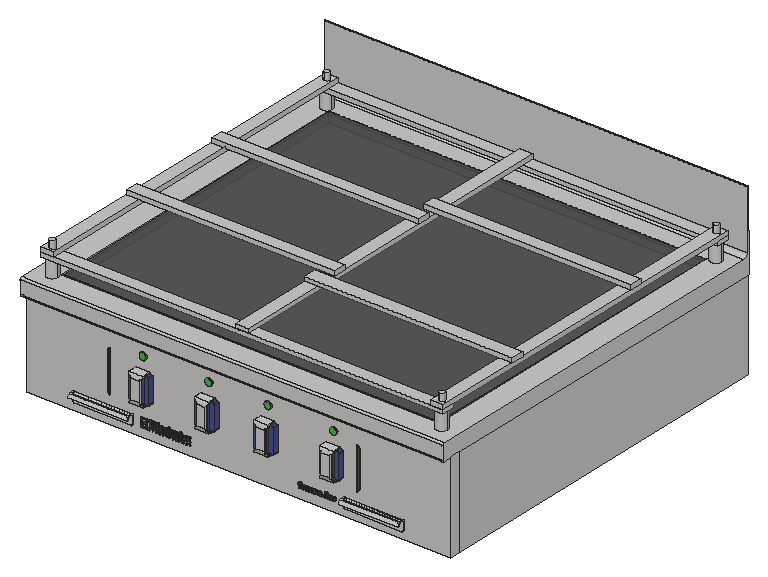
Revit family "QF_ELECTROLUXPROFESSIONAL_589927_HCIDBBJODM", category Specialty Equipment, Revit 2023
Family settings
  Round Connector Dimension = Use Diameter
  Part Type = Normal
  Work Plane-Based = No
  Enable Cutting in Views = No
  Always vertical = Yes
  Cut with Voids When Loaded = No
  Maintain Annotation Orientation = No
  Shared = No
  Room Calculation Point = No
Parameters (values of type "Standard")
  Weight = 100.00 kg
  Watts = 0 W
  Volts = 440 V
  URL Manufacturer = "http://www.electroluxprofessional.com"
  URL = "http://www.electroluxprofessional.com"
  ThermaLine_Logo_Visible [instance] = yes
  Steam Supply Size = 0"
  Steam Supply Minimum Pressure = 0.00 psi
  Steam Supply Maximum Pressure = 0.00 psi
  Steam Consumption per Hour = 0
  Refrigeration Suction Line Size = 0 mm
  Refrigeration Liquid Line Size = 0 mm
  Refrigerant Compressor Remote = yes
  Default Elevation = 0 mm
  Phase = 3
  Model = "HCIDBBJODM"
  Manufacturer = "Electrolux Professional"
  Length Actual = 1000 mm
  Item Number = "589927"
  Hot Water Size = 0"
  Height Actual = 250 mm
  HP = "26.8 HP"
  Gas Size = 0"
  Gas KW = 0
  Gas Input Pressure = 0.0 Btu/h
  Electrolux_Logo_Visible [instance] = yes
  Direct Waste Size = 0"
  Description = "INDUCTION TOP, 4 ZONES, 1-SIDE, SPLASHBACK, 1000X900X250H MARINE USPHS (ONLY M2M)"
  Depth Actual = 900 mm
  Cycle = 60 Hz
  Condensate Return Size = 0"
  Compressed Air Volume = 0 GPM
  Compressed Air Size = 0"
  Compressed Air Pressure = 0.00 psi
  Cold Water Size = 0"
  Accessory = no
Reference planes
  plane 1 "BACK": y = 0
  plane 2: z = 0
  plane 3 "LEFT": x = -100
  plane 4 "RIGHT": x = 900
  plane 5 "FRONT": y = -900
  plane 6 "TOP": z = 900
  plane 7 "Center (Left/Right)": x = 400
  plane 8: y = -450
  plane 9: z = 200
  plane 10: y = -150
  plane 11 "Panel": y = -855
  plane 12: z = 798
  plane 13: z = 975
  plane 14: x = -22
  plane 15: x = 822
  plane 16: y = -150
  plane 17: y = -650
  plane 18 "EIx": x = 855
  plane 19 "EIy": y = -410
  plane 20: y = -880
  plane 21 "TopBase": z = 650
Forms (mm)
  Extrusion 1, solid, material "QF_Finishes_Stainless Steel"
    sketch origin (-178.969, -4572, 200) x (-1, 0, 0) y (0, -1, 0)
      loop
        line (-78.969, -4572) -> (-78.969, -3717) -> (-1078.969, -3717) -> (-1078.969, -4572) -> (-78.969, -4572)
    from 450 to 663
  Extrusion 2, solid, material "QF_Finishes_Stainless Steel"
    sketch origin (0, 0, 650) x (-1, 0, 0) y (0, -1, 0)
      loop
        circle (-855, 410) r 6.35
    from 0 to -11.851
  Extrusion 3, solid, material "QF_Finishes_Stainless Steel"
    sketch origin (400, 296.4, 1219.2) x (0, 1, 0) y (0, 0, 1)
      loop
        arc (-1191.4, -319.2) -> (-1194.935, -320.664) -> (-1196.4, -324.2) r 5
        line (-1196.4, -324.2) -> (-1196.4, -355.2)
        arc (-1196.4, -355.2) -> (-1194.971, -358.264) -> (-1191.705, -359.139) r 4
        line (-1191.705, -359.139) -> (-1176.4, -356.231) -> (-296.4, -356.231) -> (-296.4, -169.2) -> (-298.4, -169.2) -> (-298.4, -309.2)
        arc (-298.4, -309.2) -> (-301.329, -316.271) -> (-308.4, -319.2) r 10
        line (-308.4, -319.2) -> (-1191.4, -319.2)
    from -500 to 500
  Extrusion 4, solid, material "QF_Finishes_Electrolux_Black Smoke Iluminated"
    sketch origin (0, 0, 900) x (-1, 0, 0) y (0, -1, 0)
      loop
        arc (43, 56) -> (44.414, 56.586) -> (45, 58) r 2
        line (45, 58) -> (45, 841)
        arc (45, 841) -> (44.414, 842.414) -> (43, 843) r 2
        line (43, 843) -> (-843, 843)
        arc (-843, 843) -> (-844.414, 842.414) -> (-845, 841) r 2
        line (-845, 841) -> (-845, 58)
        arc (-845, 58) -> (-844.414, 56.586) -> (-843, 56) r 2
        line (-843, 56) -> (43, 56)
    from 0 to -6
  Extrusion 5, void
    sketch origin (0, 0, 900) x (-1, 0, 0) y (0, -1, 0)
      loop
        arc (47, 841) -> (45.828, 843.828) -> (43, 845) r 4
        line (43, 845) -> (-843, 845)
        arc (-843, 845) -> (-845.828, 843.828) -> (-847, 841) r 4
        line (-847, 841) -> (-847, 58)
        arc (-847, 58) -> (-845.828, 55.172) -> (-843, 54) r 4
        line (-843, 54) -> (43, 54)
        arc (43, 54) -> (45.828, 55.172) -> (47, 58) r 4
        line (47, 58) -> (47, 841)
    from 0 to -25
  Extrusion 6, solid, material "QF_Finishes_Stainless Steel"
    sketch origin (0, 0, 940) x (0, 1, 0) y (-1, 0, 0)
      loop
        line (-30, 75) -> (-60, 75) -> (-60, -875) -> (-30, -875) -> (-30, 75)
      loop
        line (-870, 75) -> (-870, -875) -> (-840, -875) -> (-840, 75) -> (-870, 75)
      loop
        circle (-855, 60) r 6.5
      loop
        circle (-855, -860) r 6.5
      loop
        circle (-45, 60) r 6.5
      loop
        circle (-45, -860) r 6.5
    from 0 to 10
  Extrusion 7, solid, material "QF_Finishes_Stainless Steel"
    sketch origin (0, 0, 950) x (0, 1, 0) y (-1, 0, 0)
      loop
        line (-30, 75) -> (-870, 75) -> (-870, 45) -> (-30, 45) -> (-30, 75)
      loop
        line (-30, -875) -> (-30, -845) -> (-870, -845) -> (-870, -875) -> (-30, -875)
      loop
        line (-30, -415) -> (-30, -385) -> (-870, -385) -> (-870, -415) -> (-30, -415)
      loop
        circle (-45, 60) r 6.5
      loop
        circle (-45, -860) r 6.5
      loop
        circle (-855, 60) r 6.5
      loop
        circle (-855, -860) r 6.5
    from 0 to 10
  Extrusion 8, solid, material "QF_Finishes_Stainless Steel"
    sketch origin (0, 0, 960) x (0, 1, 0) y (-1, 0, 0)
      loop
        line (-336, 75) -> (-366, 75) -> (-366, -415) -> (-336, -415) -> (-336, 75)
      loop
        line (-586, 75) -> (-616, 75) -> (-616, -415) -> (-586, -415) -> (-586, 75)
      loop
        line (-286, -385) -> (-316, -385) -> (-316, -875) -> (-286, -875) -> (-286, -385)
      loop
        line (-636, -385) -> (-666, -385) -> (-666, -875) -> (-636, -875) -> (-636, -385)
    from 0 to 10
  Extrusion 9, solid, material "QF_Finishes_Stainless Steel"
    sketch origin (0, -1, 900) x (-1, 0, 0) y (0, -1, 0)
      loop
        circle (60, 44) r 13
      loop
        circle (-860, 44) r 13
      loop
        circle (60, 854) r 13
      loop
        circle (-860, 854) r 13
    from 0 to 40
  Extrusion 10, solid, material "QF_Finishes_Stainless Steel"
    sketch origin (0, -1, 940) x (0, 1, 0) y (-1, 0, 0)
      loop
        circle (-854, 60) r 6.5
      loop
        circle (-854, -860) r 6.5
      loop
        circle (-44, 60) r 6.5
      loop
        circle (-44, -860) r 6.5
    from 0 to 35
  Extrusion 11, solid, material "QF_Clearances", detail levels coarse
    sketch origin (0, -900, 0) x (1, 0, 0) y (0, 0, 1)
      loop
        line (-100, 650) -> (-100, 630) -> (900, 630) -> (900, 650) -> (-100, 650)
    from -20 to -70
Cuts and joins
  Extrusion 5 cuts Extrusion 3
Lines and regions (mm)
  symbolic lines
    curve 1: line (-100, 0, 200) -> (900, 0, 200)
    curve 2: line (-100, -900, 200) -> (-100, 0, 200)
    curve 3: line (900, -900, 200) -> (-100, -900, 200)
    curve 4: line (900, 0, 200) -> (900, -900, 200)
    curve 5: line (-75, -30, 900) -> (-45, -30, 900)
    curve 6: line (-75, -870, 900) -> (-75, -30, 900)
    curve 7: line (-45, -870, 900) -> (-75, -870, 900)
    curve 8: line (-45, -30, 900) -> (-45, -336, 900)
    curve 9: line (875, -30, 900) -> (845, -30, 900)
    curve 10: line (875, -870, 900) -> (875, -30, 900)
    curve 11: line (845, -870, 900) -> (875, -870, 900)
    curve 12: line (845, -30, 900) -> (845, -286, 900)
    curve 13: line (-75, -336, 900) -> (415, -336, 900)
    curve 14: line (-75, -366, 900) -> (415, -366, 900)
    curve 15: line (-75, -586, 900) -> (415, -586, 900)
    curve 16: line (-75, -616, 900) -> (415, -616, 900)
    curve 17: line (385, -286, 900) -> (875, -286, 900)
    curve 18: line (385, -316, 900) -> (875, -316, 900)
    curve 19: line (385, -636, 900) -> (875, -636, 900)
    curve 20: line (385, -666, 900) -> (875, -666, 900)
    curve 21: line (415, -870, 900) -> (415, -666, 900)
    curve 22: line (385, -870, 900) -> (385, -616, 900)
    curve 23: line (415, -636, 900) -> (415, -316, 900)
    curve 24: line (385, -586, 900) -> (385, -366, 900)
    curve 25: line (385, -336, 900) -> (385, -30, 900)
    curve 26: line (415, -286, 900) -> (415, -30, 900)
    curve 27: line (-45, -30, 900) -> (845, -30, 900)
    curve 28: line (-45, -870, 900) -> (845, -870, 900)
    curve 29: line (-45, -840, 900) -> (385, -840, 900)
    curve 30: line (415, -840, 900) -> (845, -840, 900)
    curve 31: line (-45, -60, 900) -> (385, -60, 900)
    curve 32: line (415, -60, 900) -> (845, -60, 900)
    curve 33: line (-45, -366, 900) -> (-45, -586, 900)
    curve 34: line (-45, -616, 900) -> (-45, -870, 900)
    curve 35: line (845, -666, 900) -> (845, -870, 900)
    curve 36: line (845, -316, 900) -> (845, -636, 900)
    curve 75: line (183.85, -586, 900) -> (183.85, -574.397, 900)
    curve 76: line (613.85, -316, 900) -> (613.85, -325.603, 900)
  symbolic lines, style "SpecialityEquipment"
    curve 37: line (64.474, -422.012, 900) -> (46.796, -404.335, 900)
    curve 38: line (46.796, -404.335, 900) -> (46.796, -366, 900)
    curve 39: line (46.796, -169.335, 900) -> (64.474, -151.657, 900)
    curve 40: line (183.85, -245.603, 900) -> (183.85, -325.603, 900)
    curve 41: line (143.85, -285.603, 900) -> (223.85, -285.603, 900)
    curve 42: line (303.226, -422.012, 900) -> (320.903, -404.335, 900)
    curve 43: line (320.903, -404.335, 900) -> (320.903, -366, 900)
    curve 44: line (320.903, -169.335, 900) -> (303.226, -151.657, 900)
    curve 45: line (494.474, -422.012, 900) -> (476.796, -404.335, 900)
    curve 46: line (476.796, -404.335, 900) -> (476.796, -316, 900)
    curve 47: line (476.796, -169.335, 900) -> (494.474, -151.657, 900)
    curve 48: line (613.85, -245.603, 900) -> (613.85, -286, 900)
    curve 49: line (733.226, -422.012, 900) -> (750.903, -404.335, 900)
    curve 50: line (750.903, -404.335, 900) -> (750.903, -316, 900)
    curve 51: line (750.903, -169.335, 900) -> (733.226, -151.657, 900)
    curve 52: line (183.85, -654.397, 900) -> (183.85, -616, 900)
    curve 53: line (613.85, -636, 900) -> (613.85, -574.397, 900)
    curve 54: line (573.85, -614.397, 900) -> (653.85, -614.397, 900)
    curve 55: line (64.474, -477.988, 900) -> (46.796, -495.665, 900)
    curve 56: line (46.796, -495.665, 900) -> (46.796, -586, 900)
    curve 57: line (46.796, -730.665, 900) -> (64.474, -748.343, 900)
    curve 58: line (303.226, -477.988, 900) -> (320.903, -495.665, 900)
    curve 59: line (320.903, -495.665, 900) -> (320.903, -586, 900)
    curve 60: line (320.903, -730.665, 900) -> (303.226, -748.343, 900)
    curve 61: line (494.474, -477.988, 900) -> (476.796, -495.665, 900)
    curve 62: line (476.796, -495.665, 900) -> (476.796, -636, 900)
    curve 63: line (476.796, -730.665, 900) -> (494.474, -748.343, 900)
    curve 64: line (733.226, -477.988, 900) -> (750.903, -495.665, 900)
    curve 65: line (750.903, -495.665, 900) -> (750.903, -636, 900)
    curve 66: line (750.903, -730.665, 900) -> (733.226, -748.343, 900)
    curve 67: line (46.796, -336, 900) -> (46.796, -169.335, 900)
    curve 68: line (320.903, -336, 900) -> (320.903, -169.335, 900)
    curve 69: line (476.796, -286, 900) -> (476.796, -169.335, 900)
    curve 70: line (750.903, -286, 900) -> (750.903, -169.335, 900)
    curve 71: line (750.903, -666, 900) -> (750.903, -730.665, 900)
    curve 72: line (476.796, -666, 900) -> (476.796, -730.665, 900)
    curve 73: line (320.903, -616, 900) -> (320.903, -730.665, 900)
    curve 74: line (46.796, -616, 900) -> (46.796, -730.665, 900)
  model lines
    curve 77: line (64.474, -422.012, 900) -> (46.796, -404.335, 900)
    curve 78: line (46.796, -404.335, 900) -> (46.796, -354.335, 900)
    curve 79: line (46.796, -169.335, 900) -> (64.474, -151.657, 900)
    curve 80: line (183.85, -245.603, 900) -> (183.85, -325.603, 900)
    curve 81: line (143.85, -285.603, 900) -> (223.85, -285.603, 900)
    curve 82: line (303.226, -422.012, 900) -> (320.903, -404.335, 900)
    curve 83: line (320.903, -404.335, 900) -> (320.903, -349.335, 900)
    curve 84: line (320.903, -169.335, 900) -> (303.226, -151.657, 900)
    curve 85: line (494.474, -422.012, 900) -> (476.796, -404.335, 900)
    curve 86: line (476.796, -404.335, 900) -> (476.796, -299.335, 900)
    curve 87: line (476.796, -169.335, 900) -> (494.474, -151.657, 900)
    curve 88: line (613.85, -245.603, 900) -> (613.85, -325.603, 900)
    curve 89: line (573.85, -285.603, 900) -> (653.85, -285.603, 900)
    curve 90: line (733.226, -422.012, 900) -> (750.903, -404.335, 900)
    curve 91: line (750.903, -404.335, 900) -> (750.903, -304.335, 900)
    curve 92: line (750.903, -169.335, 900) -> (733.226, -151.657, 900)
    curve 93: line (183.85, -654.397, 900) -> (183.85, -599.397, 900)
    curve 94: line (143.85, -614.397, 900) -> (223.85, -614.397, 900)
    curve 95: line (613.85, -654.397, 900) -> (613.85, -574.397, 900)
    curve 96: line (573.85, -614.397, 900) -> (653.85, -614.397, 900)
    curve 97: line (64.474, -477.988, 900) -> (46.796, -495.665, 900)
    curve 98: line (46.796, -730.665, 900) -> (64.474, -748.343, 900)
    curve 99: line (303.226, -477.988, 900) -> (320.903, -495.665, 900)
    curve 100: line (320.903, -730.665, 900) -> (303.226, -748.343, 900)
    curve 101: line (494.474, -477.988, 900) -> (476.796, -495.665, 900)
    curve 102: line (476.796, -495.665, 900) -> (476.796, -655.665, 900)
    curve 103: line (476.796, -730.665, 900) -> (494.474, -748.343, 900)
    curve 104: line (733.226, -477.988, 900) -> (750.903, -495.665, 900)
    curve 105: line (750.903, -495.665, 900) -> (750.903, -650.665, 900)
    curve 106: line (750.903, -730.665, 900) -> (733.226, -748.343, 900)
    curve 107: line (46.796, -354.335, 900) -> (46.796, -169.335, 900)
    curve 108: line (320.903, -349.335, 900) -> (320.903, -169.335, 900)
    curve 109: line (476.796, -299.335, 900) -> (476.796, -169.335, 900)
    curve 110: line (750.903, -304.335, 900) -> (750.903, -169.335, 900)
    curve 111: line (750.903, -650.665, 900) -> (750.903, -730.665, 900)
    curve 112: line (476.796, -655.665, 900) -> (476.796, -730.665, 900)
    curve 113: line (320.903, -495.665, 900) -> (320.903, -730.665, 900)
    curve 114: line (46.796, -495.665, 900) -> (46.796, -730.665, 900)
    curve 115: line (183.85, -599.397, 900) -> (183.85, -574.397, 900)
  symbolic lines, style "QF_2DLine_204"
    curve 116: arc (-60, -51.5, 900) -> (-53.5, -45, 900) -> (-60, -38.5, 900) r 6.5
    curve 117: arc (-60, -38.5, 900) -> (-66.5, -45, 900) -> (-60, -51.5, 900) r 6.5
    curve 118: arc (860, -38.5, 900) -> (853.5, -45, 900) -> (860, -51.5, 900) r 6.5
    curve 119: arc (860, -51.5, 900) -> (866.5, -45, 900) -> (860, -38.5, 900) r 6.5
    curve 120: arc (860, -861.5, 900) -> (866.5, -855, 900) -> (860, -848.5, 900) r 6.5
    curve 121: arc (860, -848.5, 900) -> (853.5, -855, 900) -> (860, -861.5, 900) r 6.5
    curve 122: arc (-60, -861.5, 900) -> (-53.5, -855, 900) -> (-60, -848.5, 900) r 6.5
    curve 123: arc (-60, -848.5, 900) -> (-66.5, -855, 900) -> (-60, -861.5, 900) r 6.5
Dimensions and locks
  plane 3 "LEFT" to plane 4 "RIGHT" = 1000 mm
  plane 5 "FRONT" to plane 1 "BACK" = 900 mm
  plane 3 "LEFT" to plane 7 "Center (Left/Right)" to plane 4 "RIGHT" = 500 mm, 500 mm
  equal spacing: plane 5 "FRONT", plane 8, plane 1 "BACK"
  plane 6 "TOP" to level = 900 mm  (x2)
  plane 9 to level = 200 mm
  plane 1 "BACK" to plane 10 to plane 11 "Panel" = 150 mm, 705 mm  (x2)
  plane 6 "TOP" to plane 9 to level = 700 mm, 200 mm
  plane 1 "BACK" to plane 5 "FRONT" = 900 mm
  plane 1 "BACK" to Extrusion 2 = 410 mm
  plane 12 to plane 9 = 598 mm
  plane 13 to plane 6 "TOP" = 75 mm
  plane 6 "TOP" to plane 12 = 102 mm
  plane 14 to plane 3 "LEFT" = 78 mm
  plane 15 to plane 4 "RIGHT" = 78 mm
  locked: plane 1 "BACK" to plane 16 at 150
  locked: plane 16 to plane 17 at 500
  plane 11 "Panel" to plane 5 "FRONT" = 45 mm
  plane 18 "EIx" to plane 4 "RIGHT" = 45 mm
  plane 19 "EIy" to plane 1 "BACK" = 410 mm
  locked: plane 11 "Panel" to plane 20 at 25
  aligned and locked: level to plane 2
  aligned and locked: cut or joined group of Extrusion 3, Extrusion 5 to plane 3 "LEFT"
  aligned and locked: cut or joined group of Extrusion 3, Extrusion 5 to plane 4 "RIGHT"
  aligned and locked: nested 1 to plane 11 "Panel"
  aligned and locked: Extrusion 1 to plane 11 "Panel"
  aligned and locked: Extrusion 1 to plane 3 "LEFT"
  aligned and locked: Extrusion 1 to plane 4 "RIGHT"
Automatic sketch dimensions
  Extrusion 2 sketch curve to plane 18 "EIx" = 0 mm
  Extrusion 2 sketch curve to plane 19 "EIy" = 0 mm
  Extrusion 1 sketch curve to plane 4 "RIGHT" = 0 mm
  Extrusion 1 sketch curve to plane 3 "LEFT" = 0 mm
  Extrusion 1 sketch curve to plane 11 "Panel" = 0 mm
  plane 1 "BACK" to Extrusion 1 sketch curve = 0 mm
  plane 1 "BACK" to curve 1 = 0 mm
  curve 1 to plane 4 "RIGHT" = 0 mm
  curve 3 to plane 3 "LEFT" = 0 mm
  plane 5 "FRONT" to curve 3 = 0 mm
  Extrusion 6 sketch curve to plane 11 "Panel" = 0 mm  (x2)
  Extrusion 6 sketch curve to plane 20 = 10 mm
  plane 11 "Panel" to Extrusion 6 sketch curve = 15 mm
  Extrusion 6 sketch curve to plane 18 "EIx" = 20 mm  (x2)
  plane 1 "BACK" to Extrusion 6 sketch curve = 60 mm
  Extrusion 6 sketch curve to Extrusion 6 sketch curve = 15 mm  (x5)
  Extrusion 6 sketch curve to plane 18 "EIx" = 5 mm  (x2)
  plane 14 to Extrusion 6 sketch curve = 38 mm  (x2)
  Extrusion 7 sketch curve to plane 11 "Panel" = 0 mm  (x2)
  Extrusion 7 sketch curve to plane 20 = 10 mm  (x3)
  Extrusion 7 sketch curve to plane 18 "EIx" = 5 mm  (x2)
  plane 1 "BACK" to Extrusion 7 sketch curve = 45 mm  (x2)
  plane 1 "BACK" to Extrusion 7 sketch curve = 30 mm
  Extrusion 7 sketch curve to Extrusion 7 sketch curve = 15 mm  (x5)
  Extrusion 7 sketch curve to plane 18 "EIx" = 20 mm
  plane 18 "EIx" to Extrusion 7 sketch curve = 10 mm
  plane 7 "Center (Left/Right)" to Extrusion 7 sketch curve = 15 mm
  Extrusion 7 sketch curve to plane 7 "Center (Left/Right)" = 15 mm
  plane 14 to Extrusion 7 sketch curve = 23 mm
  plane 17 to Extrusion 8 sketch curve = 16 mm
  Extrusion 8 sketch curve to plane 17 = 14 mm
  Extrusion 8 sketch curve to plane 17 = 34 mm
  Extrusion 8 sketch curve to Extrusion 8 sketch curve = 30 mm  (x3)
  plane 19 "EIy" to Extrusion 8 sketch curve = 44 mm
  Extrusion 8 sketch curve to plane 7 "Center (Left/Right)" = 15 mm  (x2)
  Extrusion 8 sketch curve to Extrusion 8 sketch curve = 20 mm
  plane 7 "Center (Left/Right)" to Extrusion 8 sketch curve = 15 mm  (x2)
  Extrusion 8 sketch curve to plane 18 "EIx" = 20 mm  (x2)
  plane 3 "LEFT" to Extrusion 8 sketch curve = 25 mm  (x2)
  Extrusion 9 sketch curve to plane 11 "Panel" = 0 mm  (x2)
  Extrusion 9 sketch curve to plane 18 "EIx" = 5 mm  (x2)
  plane 14 to Extrusion 9 sketch curve = 38 mm  (x2)
  plane 1 "BACK" to Extrusion 9 sketch curve = 45 mm  (x2)
  Extrusion 10 sketch curve to plane 11 "Panel" = 0 mm  (x2)
  Extrusion 10 sketch curve to plane 18 "EIx" = 5 mm  (x2)
  plane 1 "BACK" to Extrusion 10 sketch curve = 45 mm  (x2)
  plane 14 to Extrusion 10 sketch curve = 38 mm  (x2)
  plane 14 to Extrusion 11 sketch curve = 78 mm
  Extrusion 11 sketch curve to plane 15 = 78 mm
  plane 9 to Extrusion 11 sketch curve = 430 mm
  Extrusion 11 sketch curve to plane 6 "TOP" = 250 mm
  Extrusion 3 sketch curve to plane 5 "FRONT" = 0 mm
  Extrusion 3 sketch curve to plane 6 "TOP" = 0 mm
  Extrusion 3 sketch curve to plane 20 = 0 mm
  Extrusion 3 sketch curve to plane 1 "BACK" = 0 mm
  Extrusion 3 sketch curve to Extrusion 3 sketch curve = 4 mm
  Extrusion 3 sketch curve to Extrusion 3 sketch curve = 0.695 mm
  Extrusion 3 sketch curve to plane 5 "FRONT" = 5 mm
  plane 1 "BACK" to Extrusion 3 sketch curve = 2 mm
  Extrusion 3 sketch curve to Extrusion 3 sketch curve = 31 mm
  Extrusion 3 sketch curve to plane 6 "TOP" = 37.031 mm
  plane 6 "TOP" to Extrusion 3 sketch curve = 10 mm
  plane 13 to Extrusion 3 sketch curve = 75 mm
  curve 11 to plane 18 "EIx" = 20 mm
  plane 18 "EIx" to curve 27 = 10 mm
  plane 18 "EIx" to curve 11 = 10 mm
  plane 17 to curve 105 = 0.665 mm
  plane 15 to curve 51 = 71.097 mm
  curve 92 to plane 10 = 19.335 mm
  curve 70 to curve 48 = 137.053 mm
  curve 76 to curve 48 = 0 mm
  plane 7 "Center (Left/Right)" to curve 86 = 76.796 mm
  plane 7 "Center (Left/Right)" to curve 63 = 76.796 mm
  plane 19 "EIy" to curve 45 = 5.665 mm
  curve 59 to plane 7 "Center (Left/Right)" = 79.097 mm
  curve 83 to plane 7 "Center (Left/Right)" = 79.097 mm
  plane 19 "EIy" to curve 42 = 5.665 mm
  curve 52 to plane 17 = 34 mm
  curve 73 to curve 52 = 137.053 mm
  curve 75 to curve 52 = 0 mm
  curve 93 to curve 75 = 0 mm
  curve 107 to plane 14 = 68.796 mm
  curve 74 to plane 14 = 68.796 mm
  curve 39 to plane 10 = 19.335 mm
  plane 14 to curve 27 = 23 mm
  curve 28 to plane 20 = 10 mm
  plane 14 to curve 28 = 23 mm
  plane 3 "LEFT" to curve 7 = 25 mm
  curve 84 to plane 10 = 19.335 mm
  plane 1 "BACK" to curve 10 = 30 mm
  curve 47 to plane 10 = 19.335 mm
  curve 110 to curve 70 = 116.665 mm
  curve 69 to curve 109 = 13.335 mm
  curve 70 to curve 91 = 18.335 mm
  curve 86 to curve 46 = 16.665 mm
  curve 108 to curve 42 = 55 mm
  plane 19 "EIy" to curve 78 = 55.665 mm
  plane 19 "EIy" to curve 37 = 5.665 mm
  plane 19 "EIy" to curve 90 = 5.665 mm
  curve 58 to plane 8 = 45.665 mm
  curve 102 to plane 8 = 45.665 mm
  curve 104 to plane 8 = 45.665 mm
  curve 55 to plane 8 = 45.665 mm
  curve 75 to curve 52 = 30 mm
  curve 75 to curve 115 = 13.397 mm
  plane 17 to curve 112 = 5.665 mm
  plane 17 to curve 74 = 80.665 mm
  curve 102 to curve 72 = 75 mm
  plane 17 to curve 73 = 80.665 mm
  curve 105 to curve 106 = 80 mm
  plane 18 "EIx" to curve 36 = 10 mm
  curve 49 to plane 19 "EIy" = 12.012 mm
  curve 49 to curve 49 = 17.678 mm
  curve 66 to curve 106 = 17.678 mm  (x2)
  curve 92 to plane 10 = 1.657 mm
  curve 51 to curve 92 = 17.678 mm
  curve 64 to plane 8 = 27.988 mm
  curve 64 to curve 64 = 17.678 mm
  curve 90 to plane 19 "EIy" = 12.012 mm
  curve 90 to curve 49 = 0 mm
  curve 51 to plane 10 = 1.657 mm
  curve 51 to curve 92 = 0 mm
  curve 66 to curve 106 = 0 mm  (x2)
  curve 104 to plane 8 = 27.988 mm
  curve 104 to curve 64 = 0 mm
  curve 54 to plane 17 = 35.603 mm
  curve 65 to curve 54 = 97.053 mm
  curve 96 to curve 54 = 0 mm  (x2)
  curve 89 to curve 48 = 40 mm
  curve 88 to curve 76 = 0 mm  (x2)
  curve 53 to plane 17 = 14 mm
  curve 54 to curve 53 = 40 mm
  plane 17 to curve 95 = 4.397 mm
  curve 95 to curve 53 = 0 mm  (x2)
  curve 48 to curve 89 = 40 mm
  curve 53 to curve 96 = 40 mm
  curve 54 to curve 96 = 0 mm
  curve 103 to curve 63 = 17.678 mm
  curve 87 to plane 10 = 1.657 mm
  curve 87 to curve 47 = 17.678 mm
  curve 85 to plane 19 "EIy" = 12.012 mm
  curve 85 to curve 45 = 17.678 mm
  curve 45 to plane 19 "EIy" = 12.012 mm
  curve 45 to curve 85 = 0 mm
  curve 101 to plane 8 = 27.988 mm
  curve 101 to curve 101 = 17.678 mm
  curve 61 to plane 8 = 27.988 mm
  curve 61 to curve 101 = 0 mm
  curve 63 to curve 103 = 0 mm  (x2)
  curve 47 to plane 10 = 1.657 mm
  curve 47 to curve 87 = 0 mm
  plane 7 "Center (Left/Right)" to curve 21 = 15 mm
  plane 7 "Center (Left/Right)" to curve 23 = 15 mm
  plane 7 "Center (Left/Right)" to curve 26 = 15 mm
  curve 24 to plane 7 "Center (Left/Right)" = 15 mm
  curve 25 to plane 7 "Center (Left/Right)" = 15 mm
  curve 29 to plane 7 "Center (Left/Right)" = 15 mm
  curve 113 to curve 100 = 17.678 mm
  curve 60 to curve 100 = 0 mm
  curve 44 to plane 10 = 1.657 mm
  curve 84 to curve 44 = 17.678 mm
  curve 58 to plane 8 = 27.988 mm
  curve 58 to curve 58 = 17.678 mm
  curve 99 to plane 8 = 27.988 mm
  curve 99 to curve 58 = 0 mm
  curve 42 to plane 19 "EIy" = 12.012 mm
  curve 42 to curve 42 = 17.678 mm
  curve 84 to plane 10 = 1.657 mm
  curve 84 to curve 44 = 0 mm
  curve 82 to plane 19 "EIy" = 12.012 mm
  curve 82 to curve 42 = 0 mm
  curve 68 to curve 81 = 97.053 mm
  curve 41 to curve 81 = 0 mm  (x2)
  curve 94 to curve 52 = 40 mm
  curve 41 to curve 80 = 40 mm  (x2)
  curve 40 to curve 80 = 0 mm  (x3)
  curve 40 to curve 81 = 40 mm
  curve 52 to curve 94 = 40 mm
  curve 37 to plane 19 "EIy" = 12.012 mm
  curve 37 to curve 37 = 17.678 mm
  curve 98 to curve 57 = 17.678 mm
  curve 97 to plane 8 = 27.988 mm
  curve 97 to curve 97 = 17.678 mm
  curve 55 to plane 8 = 27.988 mm
  curve 55 to curve 97 = 0 mm
  curve 77 to plane 19 "EIy" = 12.012 mm
  curve 77 to curve 37 = 0 mm
  curve 39 to plane 10 = 1.657 mm
  curve 39 to curve 39 = 17.678 mm
  curve 57 to curve 98 = 0 mm  (x2)
  curve 79 to plane 10 = 1.657 mm
  curve 79 to curve 39 = 0 mm
  plane 14 to curve 33 = 23 mm
  curve 9 to curve 32 = 30 mm
  curve 80 to plane 10 = 95.603 mm
  curve 48 to curve 48 = 40.397 mm
  curve 88 to curve 48 = 0 mm
  curve 40 to curve 41 = 40 mm
  curve 81 to curve 41 = 0 mm
  curve 89 to curve 48 = 0.397 mm
  curve 76 to curve 76 = 9.603 mm
  curve 67 to curve 78 = 18.335 mm
  curve 115 to curve 75 = 11.603 mm
  curve 53 to curve 54 = 40 mm
  curve 75 to curve 115 = 0 mm
  curve 94 to plane 17 = 35.603 mm
  plane 17 to curve 93 = 4.397 mm
  curve 52 to curve 93 = 0 mm
  plane 17 to curve 21 = 16 mm
  curve 57 to curve 98 = 17.678 mm
  curve 113 to curve 60 = 17.678 mm
  curve 63 to curve 103 = 17.678 mm
  curve 100 to curve 60 = 0 mm
  plane 11 "Panel" to curve 29 = 15 mm
  plane 11 "Panel" to curve 30 = 15 mm
  plane 18 "EIx" to Extrusion 4 sketch curve = 10 mm
  Extrusion 4 sketch curve to Extrusion 4 sketch curve = 2 mm  (x3)
  plane 14 to Extrusion 4 sketch curve = 21 mm  (x2)
  plane 1 "BACK" to Extrusion 4 sketch curve = 56 mm
  plane 11 "Panel" to Extrusion 4 sketch curve = 14 mm
  plane 18 "EIx" to Extrusion 5 sketch curve = 8 mm
  Extrusion 5 sketch curve to Extrusion 5 sketch curve = 4 mm  (x3)
  plane 14 to Extrusion 5 sketch curve = 21 mm  (x2)
  plane 1 "BACK" to Extrusion 5 sketch curve = 54 mm
  plane 11 "Panel" to Extrusion 5 sketch curve = 14 mm
  plane 15 to curve 71 = 71.097 mm
  curve 8 to curve 33 = 30 mm
  curve 31 to curve 32 = 0 mm
  curve 31 to curve 117 = 15 mm
  curve 117 to curve 31 = 15 mm
  curve 117 to curve 116 = 6.5 mm
  curve 119 to plane 18 "EIx" = 5 mm
  curve 118 to curve 32 = 15 mm
  curve 118 to curve 118 = 6.5 mm
  curve 120 to plane 11 "Panel" = 0 mm
  curve 120 to plane 18 "EIx" = 5 mm
  plane 11 "Panel" to curve 120 = 6.5 mm
  curve 122 to curve 123 = 0 mm  (x2)
  curve 123 to plane 11 "Panel" = 0 mm
  curve 123 to curve 6 = 15 mm
  plane 11 "Panel" to curve 123 = 6.5 mm
  radius of Extrusion 2 sketch curve = 6.35 mm
  radius of Extrusion 6 sketch curve = 6.5 mm  (x4)
  radius of Extrusion 7 sketch curve = 6.5 mm  (x4)
  radius of Extrusion 9 sketch curve = 13 mm  (x4)
  radius of Extrusion 10 sketch curve = 6.5 mm  (x4)
Nested families
  nested 1: "Front_Panel_W1000_4 Knobs_Maniglia" at (2.376, -855, 0), type "Front_Panel_W1000_4 Knobs_Maniglia"
  nested 2: "ELX_Professional_Logo_Small" at (229.486, -880, 681.561) x (1, 0, 0) z (0, -1, 0), visible <- "Electrolux_Logo_Visible", type "ELX_Professional_Logo_Small"
    with Show Logo yes, Material_Logo QF_Finishes_Black
  nested 3: "ELX_ThermaLine_Small" at (581.407, -880, 679.328) x (1, 0, 0) z (0, -1, 0), visible <- "ThermaLine_Logo_Visible", type "ELX_ThermaLine_Small"
    with Show Logo yes, Material_Logo QF_Finishes_Black
Connectors
  electrical at (855, -410, 638.149)
    settings: on Extrusion 2, index 1, voltage 400 V, apparent load 33000 VA, apparent load phase1 0 VA, apparent load phase2 0 VA, apparent load phase3 0 VA, power factor 1, load classification "Other", number of poles 1, system type 30, power factor state 1, is connector primary yes, connector utility no, sub classification motor no, connector description "ELECTRICAL CONNECTION"
Definition of nested family "Front_Panel_W1000_4 Knobs_Maniglia"
  Parameters (values of type "Front_Panel_W1000_4 Knobs_Maniglia")
    Width = 1000 mm
    Default Elevation = 0 mm
  Reference planes
    plane 1 "Center (Front/Back)": y = 0
    plane 2: z = 0
    plane 3 "Center (Left/Right)": x = 397.624
    plane 4 "Left": x = -102.376
    plane 5 "Right": x = 897.624
    plane 6: y = -45
    plane 7: y = -25
    plane 8: x = 682.624
    plane 9: x = 87.624
    plane 10: z = 650
    plane 11: z = 762
    plane 12: z = 822
    plane 13: x = 327.624
    plane 14: x = 467.624
    plane 15: x = 7.624
    plane 16: x = 787.624
    plane 17: x = 172.624
    plane 18: x = 622.624
  Forms (mm)
    Extrusion 1, solid
      sketch origin (833.217, 829.203, -1.25) x (0, 1, 0) y (0, 0, 1)
        loop
          line (-854.203, 651.25) -> (-829.203, 651.25) -> (-829.203, 864.25) -> (-854.203, 864.25) -> (-854.203, 651.25)
      from -935.593 to 64.407
    Extrusion 2, void
      sketch origin (0, 0, 0) x (1, 0, 0) y (0, 0, 1)
        loop
          line (87.624, 716.978) -> (92.624, 711.978) -> (92.624, 811.978) -> (87.624, 806.978) -> (87.624, 716.978)
        loop
          line (682.624, 806.978) -> (677.624, 811.978) -> (677.624, 711.978) -> (682.624, 716.978) -> (682.624, 806.978)
      from 23 to 25
    Extrusion 3, solid
      sketch origin (0, 0, 0) x (1, 0, 0) y (0, 0, 1)
        loop
          line (87.624, 716.978) -> (92.624, 711.978) -> (92.624, 811.978) -> (87.624, 806.978) -> (87.624, 716.978)
        loop
          line (682.624, 806.978) -> (677.624, 811.978) -> (677.624, 711.978) -> (682.624, 716.978) -> (682.624, 806.978)
      from 23 to 25
    Extrusion 4, solid
      sketch origin (-4.774, 0, -6.594) x (1, 0, 0) y (0, 0, 1)
        loop
          circle (332.398, 828.594) r 8
      from 27 to 25
    Extrusion 5, solid
      sketch origin (135.226, 0, -6.594) x (1, 0, 0) y (0, 0, 1)
        loop
          circle (332.398, 828.594) r 8
      from 27 to 25
    Extrusion 6, solid
      sketch origin (-159.774, 0, -6.594) x (1, 0, 0) y (0, 0, 1)
        loop
          circle (332.398, 828.594) r 8
      from 27 to 25
    Extrusion 7, solid
      sketch origin (290.226, 0, -6.594) x (1, 0, 0) y (0, 0, 1)
        loop
          circle (332.398, 828.594) r 8
      from 27 to 25
  Cuts and joins
    Extrusion 2 cuts Extrusion 1
  Dimensions and locks
    equal spacing: plane 5 "Right", plane 3 "Center (Left/Right)", plane 4 "Left"
    "Width": plane 5 "Right" to plane 4 "Left"
    plane 9 to plane 4 "Left" = 190 mm
    plane 5 "Right" to plane 8 = 215 mm
    plane 3 "Center (Left/Right)" to plane 13 = 70 mm
    plane 14 to plane 3 "Center (Left/Right)" = 70 mm
    plane 15 to plane 4 "Left" = 110 mm
    plane 5 "Right" to plane 16 = 110 mm
    plane 13 to plane 17 = 155 mm
    plane 18 to plane 14 = 155 mm
    aligned and locked: cut or joined group of Extrusion 1, Extrusion 2 to plane 4 "Left"
    aligned and locked: plane 5 "Right" to cut or joined group of Extrusion 1, Extrusion 2
    aligned and locked: plane 13 to nested 1
    aligned and locked: plane 14 to nested 2
    aligned and locked: plane 16 to nested 4
    aligned and locked: nested 3 to plane 15
    aligned and locked: plane 18 to nested 6
    aligned and locked: plane 17 to nested 5
  Automatic sketch dimensions
    Extrusion 1 sketch curve to plane 7 = 0 mm
    Extrusion 1 sketch curve to plane 1 "Center (Front/Back)" = 0 mm
    Extrusion 1 sketch curve to plane 10 = 0 mm
    plane 12 to Extrusion 1 sketch curve = 41 mm
    Extrusion 2 sketch curve to plane 9 = 0 mm
    Extrusion 2 sketch curve to plane 8 = 0 mm
    plane 9 to Extrusion 2 sketch curve = 5 mm
    Extrusion 2 sketch curve to plane 8 = 5 mm
    Extrusion 2 sketch curve to plane 11 = 50.022 mm  (x2)
    Extrusion 2 sketch curve to Extrusion 2 sketch curve = 5 mm  (x4)
    Extrusion 2 sketch curve to plane 12 = 15.022 mm  (x2)
    Extrusion 3 sketch curve to plane 9 = 0 mm
    Extrusion 3 sketch curve to plane 8 = 0 mm
    plane 9 to Extrusion 3 sketch curve = 5 mm
    Extrusion 3 sketch curve to plane 8 = 5 mm
    Extrusion 3 sketch curve to plane 11 = 50.022 mm  (x2)
    Extrusion 3 sketch curve to Extrusion 3 sketch curve = 5 mm  (x4)
    Extrusion 3 sketch curve to plane 12 = 15.022 mm  (x2)
    Extrusion 4 sketch curve to plane 12 = 0 mm
    Extrusion 4 sketch curve to plane 13 = 0 mm
    Extrusion 5 sketch curve to plane 12 = 0 mm
    Extrusion 5 sketch curve to plane 14 = 0 mm
    Extrusion 6 sketch curve to plane 12 = 0 mm
    Extrusion 6 sketch curve to plane 17 = 0 mm
    Extrusion 7 sketch curve to plane 12 = 0 mm
    Extrusion 7 sketch curve to plane 18 = 0 mm
    radius of Extrusion 4 sketch curve = 8 mm
    radius of Extrusion 5 sketch curve = 8 mm
    radius of Extrusion 6 sketch curve = 8 mm
    radius of Extrusion 7 sketch curve = 8 mm
  Nested families
    nested 1: "Range Control Handle" at (327.624, -28.137, -209.113) x (-1, 0, 0) z (0, 0, 1), type "Range Control Handle"
    nested 2: "Range Control Handle" at (467.624, -28.137, -209.113) x (-1, 0, 0) z (0, 0, 1), type "Range Control Handle"
    nested 3: "QF_ELECTROLUXPROFESSIONAL_Maniglia140x25" at (77.624, -25, 678.5) x (1, 0, 0) z (0, -1, 0), type "QF_ELECTROLUXPROFESSIONAL_Maniglia140x25"
      with Show Clearance yes
    nested 4: "QF_ELECTROLUXPROFESSIONAL_Maniglia140x25" at (717.624, -25, 678.5) x (1, 0, 0) z (0, -1, 0), type "QF_ELECTROLUXPROFESSIONAL_Maniglia140x25"
      with Show Clearance yes
    nested 5: "Range Control Handle" at (172.624, -28.137, -209.113) x (-1, 0, 0) z (0, 0, 1), type "Range Control Handle"
    nested 6: "Range Control Handle" at (622.624, -28.137, -209.113) x (-1, 0, 0) z (0, 0, 1), type "Range Control Handle"
  Definition of nested family "Range Control Handle"
    Parameters (values of type "Range Control Handle")
      Default Elevation = 0 mm
    Reference planes
      plane 1 "Center (Front/Back)": y = 0
      plane 2: z = 0
      plane 3 "Center (Left/Right)": x = 0
      plane 4: z = 971.092
      plane 5: y = -16.9
    Forms (mm)
      Extrusion 1, solid
        sketch origin (-746.28, 380.497, 208.931) x (-1, 0, 0) y (0, 0, 1)
          loop
            line (-770.101, 786.798) -> (-770.101, 731.649)
            arc (-770.101, 731.649) -> (-769.759, 730.563) -> (-768.855, 729.87) r 1.893
            line (-768.855, 729.87) -> (-763.474, 727.911) -> (-729.81, 727.911) -> (-724.428, 729.87)
            arc (-724.428, 729.87) -> (-723.525, 730.563) -> (-723.183, 731.649) r 1.893
            line (-723.183, 731.649) -> (-723.183, 786.798)
            arc (-723.183, 786.798) -> (-723.529, 787.894) -> (-724.44, 788.593) r 1.91
            line (-724.44, 788.593) -> (-729.683, 790.819) -> (-763.601, 790.819) -> (-768.844, 788.593)
            arc (-768.844, 788.593) -> (-769.755, 787.894) -> (-770.101, 786.798) r 1.91
        from -397.397 to -378.852
      Sweep 2, solid
        path origin (-746.788, 380.496, 208.091) x (0, -1, 0) y (0, 0, 1)
          loop
            line (379.775, 793.281) -> (395.661, 791.048)
            arc (395.661, 791.048) -> (397.781, 787.377) -> (398.517, 783.202) r 12.207
            line (398.517, 783.202) -> (398.517, 737.368)
            arc (398.517, 737.368) -> (397.781, 733.193) -> (395.661, 729.522) r 12.207
            line (395.661, 729.522) -> (379.775, 727.289)
        profile origin (-746.788, -7.222, 1000.256) x (0, -0.139173, 0.990268) y (-1, 0, 0)
          loop
            line (0.782, -763.123) -> (0.782, -730.907) -> (-1.322, -730.907) -> (-1.322, -763.123) -> (0.782, -763.123)
      Sweep 3, solid
        path origin (-746.788, 380.715, 207.832) x (0, -1, 0) y (0, 0, 1)
          loop
            line (380.478, 795.442) -> (397.218, 793.09)
            arc (397.218, 793.09) -> (399.929, 788.473) -> (400.871, 783.202) r 15.207
            line (400.871, 783.202) -> (400.871, 737.584)
            arc (400.871, 737.584) -> (399.914, 732.274) -> (397.164, 727.633) r 15.207
            line (397.164, 727.633) -> (380.601, 725.305)
        profile origin (-746.788, -8.132, 1002.099) x (0, -0.139173, 0.990268) y (-1, 0, 0)
          loop
            line (0.782, -763.123) -> (0.782, -730.907) -> (-1.322, -730.907) -> (-1.322, -763.123) -> (0.782, -763.123)
      Extrusion 4, void
        sketch origin (889.253, 220.666, 207.993) x (1, 0, 0) y (0, 0, 1)
          loop
            line (-943.038, 816.854) -> (-943.038, 703.686) -> (-899.466, 734.196) -> (-899.466, 786.344) -> (-943.038, 816.854)
        from 230.636 to 242.25
      Extrusion 5, void
        sketch origin (-888.8, 220.666, 207.993) x (-1, 0, 0) y (0, 0, -1)
          loop
            line (-943.038, -816.854) -> (-899.466, -786.344) -> (-899.466, -734.196) -> (-943.038, -703.686) -> (-943.038, -816.854)
        from 230.636 to 242.25
      Extrusion 6, solid
        sketch origin (0, 0, 0) x (1, 0, 0) y (0, 0, 1)
          loop
            circle (0, 971.092) r 7.736
        from -3.137 to -1.645
    Cuts and joins
      Extrusion 4, Extrusion 5 cuts Sweep 3
      Extrusion 4, Extrusion 5 cuts Sweep 2
      Extrusion 4, Extrusion 5 cuts Extrusion 1
      joined: Extrusion 1, Extrusion 6
    Lines and regions (mm)
      symbolic lines
        curve 1: line (16.334, -16.9, 0) -> (16.334, -19.227, 0)
        curve 2: spline (16.334, -19.227, 0) -> (15.87, -19.385, 0) -> (15.404, -19.536, 0) -> (14.936, -19.678, 0) -> (14.466, -19.813, 0) -> (13.995, -19.94, 0) -> (13.523, -20.059, 0) -> (13.049, -20.171, 0) -> (12.575, -20.274, 0) -> (12.099, -20.37, 0) -> (11.622, -20.458, 0) -> (11.144, -20.537, 0) -> (10.666, -20.609, 0)
        curve 3: line (10.666, -16.9, 0) -> (10.666, -20.938, 0)
        curve 4: line (-10.213, -20.938, 0) -> (10.666, -20.938, 0)
        curve 5: line (-10.213, -20.938, 0) -> (-10.213, -16.9, 0)
        curve 6: spline (-10.213, -20.609, 0) -> (-10.691, -20.537, 0) -> (-11.169, -20.458, 0) -> (-11.646, -20.37, 0) -> (-12.122, -20.274, 0) -> (-12.597, -20.171, 0) -> (-13.07, -20.059, 0) -> (-13.542, -19.94, 0) -> (-14.013, -19.813, 0) -> (-14.483, -19.678, 0) -> (-14.951, -19.536, 0) -> (-15.417, -19.385, 0) -> (-15.881, -19.227, 0)
        curve 7: line (-15.881, -19.227, 0) -> (-15.881, -16.9, 0)
  Definition of nested family "QF_ELECTROLUXPROFESSIONAL_Maniglia140x25"
    Parameters (values of type "QF_ELECTROLUXPROFESSIONAL_Maniglia140x25")
      Show Clearance [instance] = yes
      Default Elevation = 0 mm
    Reference planes
      plane 1 "Centro (Fronte/Retro)": y = 0
      plane 2: z = 0
      plane 3 "Centro (Sinistra/Destra)": x = 0
      plane 4: z = 45
      plane 5: z = 190
    Forms (mm)
      Extrusion 1, solid
        sketch origin (0, 0, 0) x (1, 0, 0) y (0, 1, 0)
          loop
            line (-300, 264.759) -> (-300, -290.478) -> (279.788, -290.478) -> (279.788, 264.759) -> (-300, 264.759)
        from 0 to -10
      Extrusion 2, solid
        sketch origin (0, 0, 0) x (0, 1, 0) y (0, 0, 1)
          loop
            arc (10.5, 0) -> (11.914, 0.586) -> (12.5, 2) r 2
            line (12.5, 2) -> (12.5, 10.926)
            arc (12.5, 10.926) -> (12.232, 11.926) -> (11.5, 12.658) r 2
            line (11.5, 12.658) -> (3.897, 17.047) -> (3.397, 16.181) -> (10.75, 11.936)
            arc (10.75, 11.936) -> (11.299, 11.387) -> (11.5, 10.637) r 1.5
            line (11.5, 10.637) -> (11.5, 2.499)
            arc (11.5, 2.499) -> (11.061, 1.439) -> (10.001, 1) r 1.499
            line (10.001, 1) -> (-12.5, 1) -> (-12.5, 0) -> (10.5, 0)
        from -70 to 70
      Extrusion 3, void
        sketch origin (0, 0, 0) x (1, 0, 0) y (0, 1, 0)
          loop
            line (-70, -12.5) -> (-67, -12.5)
            arc (-67, -12.5) -> (-69.121, -11.621) -> (-70, -9.5) r 3
            line (-70, -9.5) -> (-70, -12.5)
          loop
            line (70, -12.5) -> (70, -9.5)
            arc (70, -9.5) -> (69.121, -11.621) -> (67, -12.5) r 3
            line (67, -12.5) -> (70, -12.5)
        from 0 to 1.61
      Extrusion 4, void
        sketch origin (0, 15.897, 0) x (1, 0, 0) y (0, 1, 0)
          loop
            line (-70, -12.5) -> (-67, -12.5)
            arc (-67, -12.5) -> (-69.121, -11.621) -> (-70, -9.5) r 3
            line (-70, -9.5) -> (-70, -12.5)
          loop
            line (70, -12.5) -> (70, -9.5)
            arc (70, -9.5) -> (69.121, -11.621) -> (67, -12.5) r 3
            line (67, -12.5) -> (70, -12.5)
        from 17.313 to 14.099
    Cuts and joins
      Extrusion 3, Extrusion 4 cuts Extrusion 2
    Dimensions and locks
      plane 4 to level = 45 mm
      plane 5 to plane 4 = 145 mm
      aligned and locked: plane 2 to Extrusion 1
      aligned and locked: level to Extrusion 1
Definition of nested family "ELX_Professional_Logo_Small"
  Parameters (values of type "ELX_Professional_Logo_Small")
    Show Logo [instance] = yes
    Material_Logo [instance] = none
    Default Elevation = 0 mm
  Reference planes
    plane 1 "Centro (Fronte/Retro)": y = 0
    plane 2: z = 0
    plane 3 "Centro (Sinistra/Destra)": x = 0
  Forms (mm)
    Extrusion 1, solid
      sketch origin (0, 0, 0) x (1, 0, 0) y (0, 1, 0)
        loop
          line (-1219.2, 1219.2) -> (-1219.2, -1219.2) -> (1219.2, -1219.2) -> (1219.2, 1219.2) -> (-1219.2, 1219.2)
      from 0 to -304.8
    Extrusion 2, solid, material <- "Material_Logo"
      sketch origin (15.5, 0, 0) x (1, 0, 0) y (0, 1, 0)
        loop
          spline (-42.99, -1.24) -> (-43.195, -1.231) -> (-43.415, -1.203) -> (-43.642, -1.152) -> (-43.87, -1.074) -> (-44.095, -0.966) -> (-44.309, -0.825) -> (-44.506, -0.647) -> (-44.681, -0.429) -> (-44.828, -0.167) -> (-44.94, 0.142) -> (-45.011, 0.501) -> (-45.037, 0.915)
          line (-45.037, 0.915) -> (-45.037, 2.748) -> (-38.984, 2.748) -> (-38.984, 5.086) -> (-45.038, 5.086) -> (-45.038, 8.489) -> (-38.599, 8.489) -> (-38.599, 10.82) -> (-47.515, 10.82) -> (-47.515, 1.021)
          spline (-47.515, 1.021) -> (-47.493, 0.418) -> (-47.425, -0.15) -> (-47.311, -0.682) -> (-47.15, -1.175) -> (-46.939, -1.628) -> (-46.678, -2.038) -> (-46.365, -2.404) -> (-46, -2.723) -> (-45.58, -2.995) -> (-45.105, -3.216) -> (-44.573, -3.385) -> (-43.983, -3.499)
          line (-43.983, -3.499) -> (-43.01, -3.569) -> (-38.426, -3.569) -> (-38.426, -1.24) -> (-42.99, -1.24)
        loop
          line (-36.666, 4.021) -> (-36.666, -3.573) -> (-34.188, -3.573) -> (-34.188, 10.824) -> (-36.666, 10.824) -> (-36.666, 4.021)
        loop
          spline (-21.915, 1.897) -> (-21.957, 2.615) -> (-22.082, 3.303) -> (-22.285, 3.955) -> (-22.563, 4.564) -> (-22.913, 5.124) -> (-23.331, 5.629) -> (-23.814, 6.074) -> (-24.359, 6.451) -> (-24.961, 6.755) -> (-25.618, 6.98) -> (-26.326, 7.119) -> (-27.081, 7.167)
          spline (-27.081, 7.167) -> (-27.853, 7.122) -> (-28.586, 6.99) -> (-29.275, 6.774) -> (-29.915, 6.478) -> (-30.5, 6.104) -> (-31.024, 5.657) -> (-31.483, 5.138) -> (-31.871, 4.553) -> (-32.182, 3.904) -> (-32.411, 3.194) -> (-32.552, 2.427) -> (-32.6, 1.606)
          spline (-32.6, 1.606) -> (-32.553, 0.805) -> (-32.416, 0.057) -> (-32.193, -0.637) -> (-31.887, -1.271) -> (-31.504, -1.843) -> (-31.048, -2.35) -> (-30.523, -2.788) -> (-29.934, -3.154) -> (-29.284, -3.444) -> (-28.579, -3.656) -> (-27.822, -3.785) -> (-27.019, -3.829)
          spline (-27.019, -3.829) -> (-26.627, -3.82) -> (-26.239, -3.79) -> (-25.856, -3.739) -> (-25.477, -3.663) -> (-25.103, -3.562) -> (-24.734, -3.432) -> (-24.369, -3.273) -> (-24.01, -3.082) -> (-23.655, -2.858) -> (-23.305, -2.597) -> (-22.96, -2.299) -> (-22.621, -1.962)
          line (-22.621, -1.962) -> (-24.114, -0.509)
          spline (-24.114, -0.509) -> (-24.311, -0.699) -> (-24.509, -0.872) -> (-24.71, -1.03) -> (-24.915, -1.172) -> (-25.126, -1.297) -> (-25.346, -1.407) -> (-25.576, -1.5) -> (-25.817, -1.576) -> (-26.072, -1.636) -> (-26.342, -1.678) -> (-26.629, -1.704) -> (-26.936, -1.713)
          spline (-26.936, -1.713) -> (-27.384, -1.691) -> (-27.805, -1.625) -> (-28.196, -1.518) -> (-28.556, -1.372) -> (-28.882, -1.187) -> (-29.174, -0.966) -> (-29.429, -0.71) -> (-29.645, -0.422) -> (-29.821, -0.102) -> (-29.955, 0.247) -> (-30.045, 0.623) -> (-30.089, 1.026)
          line (-30.089, 1.026) -> (-21.956, 1.026) -> (-21.915, 1.897)
        loop
          spline (-24.446, 2.769) -> (-24.47, 3.075) -> (-24.54, 3.37) -> (-24.654, 3.65) -> (-24.807, 3.913) -> (-24.996, 4.156) -> (-25.219, 4.376) -> (-25.472, 4.57) -> (-25.753, 4.736) -> (-26.057, 4.869) -> (-26.382, 4.968) -> (-26.724, 5.03) -> (-27.081, 5.051)
          spline (-27.081, 5.051) -> (-27.464, 5.03) -> (-27.832, 4.97) -> (-28.183, 4.872) -> (-28.513, 4.74) -> (-28.819, 4.577) -> (-29.099, 4.384) -> (-29.347, 4.165) -> (-29.563, 3.923) -> (-29.742, 3.659) -> (-29.881, 3.377) -> (-29.977, 3.079) -> (-30.027, 2.769)
          line (-30.027, 2.769) -> (-24.446, 2.769)
        loop
          spline (-18.167, 1.669) -> (-18.138, 2.13) -> (-18.055, 2.567) -> (-17.921, 2.978) -> (-17.739, 3.358) -> (-17.512, 3.705) -> (-17.243, 4.016) -> (-16.937, 4.287) -> (-16.596, 4.517) -> (-16.223, 4.7) -> (-15.823, 4.835) -> (-15.398, 4.919) -> (-14.951, 4.947)
          spline (-14.951, 4.947) -> (-14.677, 4.938) -> (-14.414, 4.913) -> (-14.162, 4.871) -> (-13.921, 4.812) -> (-13.69, 4.738) -> (-13.467, 4.649) -> (-13.254, 4.544) -> (-13.048, 4.424) -> (-12.85, 4.291) -> (-12.659, 4.143) -> (-12.474, 3.981) -> (-12.295, 3.806)
          line (-12.295, 3.806) -> (-10.76, 5.403)
          spline (-10.76, 5.403) -> (-11.065, 5.709) -> (-11.38, 5.984) -> (-11.703, 6.228) -> (-12.035, 6.443) -> (-12.375, 6.63) -> (-12.723, 6.788) -> (-13.078, 6.92) -> (-13.44, 7.026) -> (-13.809, 7.107) -> (-14.184, 7.164) -> (-14.564, 7.198) -> (-14.951, 7.209)
          spline (-14.951, 7.209) -> (-15.725, 7.161) -> (-16.467, 7.02) -> (-17.169, 6.792) -> (-17.826, 6.482) -> (-18.43, 6.096) -> (-18.976, 5.637) -> (-19.455, 5.112) -> (-19.862, 4.525) -> (-20.19, 3.882) -> (-20.433, 3.189) -> (-20.584, 2.449) -> (-20.635, 1.669)
          spline (-20.635, 1.669) -> (-20.584, 0.889) -> (-20.433, 0.149) -> (-20.19, -0.545) -> (-19.862, -1.187) -> (-19.455, -1.774) -> (-18.976, -2.299) -> (-18.43, -2.758) -> (-17.826, -3.145) -> (-17.169, -3.454) -> (-16.467, -3.682) -> (-15.725, -3.823) -> (-14.951, -3.871)
          spline (-14.951, -3.871) -> (-14.564, -3.86) -> (-14.184, -3.826) -> (-13.809, -3.77) -> (-13.44, -3.689) -> (-13.078, -3.583) -> (-12.723, -3.451) -> (-12.375, -3.292) -> (-12.035, -3.105) -> (-11.703, -2.89) -> (-11.38, -2.646) -> (-11.065, -2.371) -> (-10.76, -2.066)
          line (-10.76, -2.066) -> (-12.295, -0.468)
          spline (-12.295, -0.468) -> (-12.474, -0.643) -> (-12.659, -0.805) -> (-12.85, -0.953) -> (-13.048, -1.087) -> (-13.254, -1.206) -> (-13.467, -1.311) -> (-13.69, -1.4) -> (-13.921, -1.475) -> (-14.162, -1.533) -> (-14.414, -1.575) -> (-14.677, -1.6) -> (-14.951, -1.609)
          spline (-14.951, -1.609) -> (-15.398, -1.581) -> (-15.823, -1.497) -> (-16.223, -1.362) -> (-16.596, -1.179) -> (-16.937, -0.95) -> (-17.243, -0.678) -> (-17.512, -0.367) -> (-17.739, -0.02) -> (-17.921, 0.36) -> (-18.055, 0.771) -> (-18.138, 1.208) -> (-18.167, 1.669)
        loop
          spline (-4.441, -1.243) -> (-4.659, -1.247) -> (-4.894, -1.23) -> (-5.137, -1.19) -> (-5.384, -1.121) -> (-5.628, -1.021) -> (-5.864, -0.884) -> (-6.084, -0.708) -> (-6.283, -0.488) -> (-6.454, -0.219) -> (-6.592, 0.101) -> (-6.69, 0.478) -> (-6.742, 0.914)
          line (-6.742, 0.914) -> (-6.742, 4.587) -> (-4.487, 4.587) -> (-4.487, 6.838) -> (-6.738, 6.838) -> (-6.738, 10.824) -> (-9.217, 10.824) -> (-9.217, 0.773)
          spline (-9.217, 0.773) -> (-9.164, 0.19) -> (-9.068, -0.358) -> (-8.928, -0.87) -> (-8.742, -1.343) -> (-8.511, -1.777) -> (-8.232, -2.168) -> (-7.904, -2.515) -> (-7.527, -2.816) -> (-7.098, -3.069) -> (-6.618, -3.273) -> (-6.084, -3.426) -> (-5.496, -3.525)
          line (-5.496, -3.525) -> (-4.45, -3.573) -> (-4.441, -1.243)
        loop
          spline (3.898, 6.983) -> (3.469, 7.009) -> (3.056, 7.001) -> (2.661, 6.961) -> (2.283, 6.888) -> (1.925, 6.785) -> (1.588, 6.652) -> (1.272, 6.49) -> (0.979, 6.301) -> (0.71, 6.085) -> (0.465, 5.844) -> (0.247, 5.578) -> (0.056, 5.289)
          line (0.056, 5.289) -> (0.056, 6.838) -> (-2.402, 6.838) -> (-2.402, -3.572) -> (0.056, -3.572) -> (0.056, 1.901)
          spline (0.056, 1.901) -> (0.079, 2.316) -> (0.145, 2.703) -> (0.254, 3.06) -> (0.404, 3.386) -> (0.592, 3.679) -> (0.818, 3.938) -> (1.08, 4.162) -> (1.375, 4.348) -> (1.703, 4.495) -> (2.062, 4.602) -> (2.45, 4.668) -> (2.865, 4.69)
          line (2.865, 4.69) -> (3.898, 4.586) -> (3.898, 6.983)
        loop
          spline (15.638, 1.633) -> (15.586, 2.396) -> (15.435, 3.124) -> (15.192, 3.81) -> (14.863, 4.449) -> (14.455, 5.034) -> (13.975, 5.56) -> (13.43, 6.021) -> (12.826, 6.411) -> (12.17, 6.724) -> (11.469, 6.955) -> (10.729, 7.098) -> (9.958, 7.147)
          spline (9.958, 7.147) -> (9.182, 7.098) -> (8.44, 6.955) -> (7.737, 6.724) -> (7.081, 6.411) -> (6.477, 6.021) -> (5.933, 5.56) -> (5.454, 5.034) -> (5.048, 4.449) -> (4.721, 3.81) -> (4.479, 3.124) -> (4.329, 2.396) -> (4.277, 1.633)
          spline (4.277, 1.633) -> (4.329, 0.869) -> (4.479, 0.141) -> (4.721, -0.544) -> (5.048, -1.183) -> (5.454, -1.768) -> (5.933, -2.294) -> (6.477, -2.755) -> (7.081, -3.145) -> (7.737, -3.459) -> (8.44, -3.69) -> (9.182, -3.833) -> (9.958, -3.882)
          spline (9.958, -3.882) -> (10.729, -3.833) -> (11.469, -3.69) -> (12.17, -3.459) -> (12.826, -3.145) -> (13.43, -2.755) -> (13.975, -2.294) -> (14.455, -1.768) -> (14.863, -1.183) -> (15.192, -0.544) -> (15.435, 0.141) -> (15.586, 0.869) -> (15.638, 1.633)
        loop
          spline (13.18, 1.633) -> (13.151, 2.083) -> (13.067, 2.513) -> (12.932, 2.918) -> (12.748, 3.296) -> (12.52, 3.642) -> (12.251, 3.954) -> (11.943, 4.227) -> (11.601, 4.459) -> (11.228, 4.645) -> (10.828, 4.782) -> (10.403, 4.867) -> (9.958, 4.896)
          spline (9.958, 4.896) -> (9.509, 4.867) -> (9.081, 4.782) -> (8.679, 4.645) -> (8.306, 4.459) -> (7.964, 4.227) -> (7.658, 3.954) -> (7.39, 3.642) -> (7.163, 3.296) -> (6.981, 2.918) -> (6.847, 2.513) -> (6.765, 2.083) -> (6.736, 1.633)
          spline (6.736, 1.633) -> (6.765, 1.182) -> (6.847, 0.753) -> (6.981, 0.347) -> (7.163, -0.031) -> (7.39, -0.377) -> (7.658, -0.689) -> (7.964, -0.962) -> (8.306, -1.193) -> (8.679, -1.38) -> (9.081, -1.517) -> (9.509, -1.602) -> (9.958, -1.631)
          spline (9.958, -1.631) -> (10.403, -1.602) -> (10.828, -1.517) -> (11.228, -1.38) -> (11.601, -1.193) -> (11.943, -0.962) -> (12.251, -0.689) -> (12.52, -0.377) -> (12.748, -0.031) -> (12.932, 0.347) -> (13.067, 0.753) -> (13.151, 1.182) -> (13.18, 1.633)
        loop
          line (17.162, 4.269) -> (17.162, -3.573) -> (19.642, -3.573) -> (19.642, 10.824) -> (17.162, 10.824) -> (17.162, 4.269)
        loop
          line (28.581, 6.838) -> (28.581, 0.786)
          spline (28.581, 0.786) -> (28.561, 0.393) -> (28.503, 0.038) -> (28.409, -0.279) -> (28.281, -0.559) -> (28.122, -0.802) -> (27.933, -1.011) -> (27.717, -1.185) -> (27.476, -1.325) -> (27.213, -1.433) -> (26.929, -1.509) -> (26.626, -1.554) -> (26.308, -1.569)
          spline (26.308, -1.569) -> (25.99, -1.554) -> (25.688, -1.509) -> (25.404, -1.434) -> (25.141, -1.326) -> (24.9, -1.187) -> (24.684, -1.014) -> (24.496, -0.807) -> (24.336, -0.565) -> (24.209, -0.288) -> (24.115, 0.026) -> (24.057, 0.376) -> (24.037, 0.765)
          line (24.037, 0.765) -> (24.037, 6.838) -> (21.537, 6.838) -> (21.537, 0.558)
          spline (21.537, 0.558) -> (21.581, -0.153) -> (21.71, -0.8) -> (21.916, -1.384) -> (22.195, -1.904) -> (22.54, -2.362) -> (22.944, -2.757) -> (23.403, -3.09) -> (23.909, -3.362) -> (24.456, -3.572) -> (25.04, -3.722) -> (25.652, -3.811) -> (26.288, -3.841)
          spline (26.288, -3.841) -> (26.929, -3.811) -> (27.547, -3.72) -> (28.135, -3.568) -> (28.687, -3.355) -> (29.197, -3.079) -> (29.66, -2.741) -> (30.068, -2.341) -> (30.415, -1.877) -> (30.696, -1.349) -> (30.905, -0.757) -> (31.034, -0.101) -> (31.079, 0.621)
          line (31.079, 0.621) -> (31.079, 6.838) -> (28.581, 6.838)
        loop
          line (40.457, -0.243) -> (38.894, 1.942) -> (40.83, 4.579) -> (42.488, 6.837) -> (39.782, 6.837) -> (37.53, 3.719) -> (35.258, 6.837) -> (32.573, 6.837) -> (34.113, 4.731) -> (36.167, 1.922) -> (34.014, -1.076) -> (32.222, -3.573) -> (34.887, -3.573) -> (37.53, 0.104) -> (40.174, -3.573) -> (42.839, -3.573) -> (40.457, -0.243)
        loop
          line (-46.121, -5.837) -> (-48.039, -5.837) -> (-48.039, -10.814) -> (-47.016, -10.814) -> (-47.016, -9.128) -> (-46.121, -9.128)
          arc (-46.121, -9.128) -> (-44.476, -7.482) -> (-46.121, -5.837) r 1.645
        loop
          line (-46.163, -6.778) -> (-47.016, -6.778) -> (-47.016, -8.187) -> (-46.163, -8.187)
          arc (-46.163, -8.187) -> (-45.458, -7.482) -> (-46.163, -6.778) r 0.704
        loop
          line (-38.313, -5.837) -> (-40.265, -5.837) -> (-40.265, -10.814) -> (-39.241, -10.814) -> (-39.241, -9.1) -> (-38.46, -9.182) -> (-37.48, -10.814) -> (-36.318, -10.814) -> (-37.513, -8.848)
          arc (-37.513, -8.848) -> (-36.888, -8.266) -> (-36.671, -7.441) r 1.536
          arc (-36.671, -7.441) -> (-37.165, -6.305) -> (-38.313, -5.837) r 1.643
        loop
          arc (-38.402, -8.166) -> (-37.707, -7.505) -> (-38.334, -6.778) r 0.696
          line (-38.334, -6.778) -> (-39.241, -6.778) -> (-39.241, -8.166) -> (-38.402, -8.166)
        loop
          circle (-29.965, -8.325) r 2.585
        loop
          circle (-29.965, -8.325) r 1.64
        loop
          line (-23.1, -5.837) -> (-23.1, -10.814) -> (-22.076, -10.814) -> (-22.076, -8.768) -> (-20.204, -8.768) -> (-20.204, -7.828) -> (-22.076, -7.828) -> (-22.076, -6.778) -> (-20.024, -6.778) -> (-20.024, -5.837) -> (-23.1, -5.837)
        loop
          line (-15.802, -5.837) -> (-15.802, -9.2)
          arc (-15.802, -9.2) -> (-15.343, -10.34) -> (-14.209, -10.814) r 1.593
          line (-14.209, -10.814) -> (-12.602, -10.814) -> (-12.602, -10.027) -> (-14.004, -10.027)
          arc (-14.004, -10.027) -> (-14.552, -9.8) -> (-14.779, -9.252) r 0.775
          line (-14.779, -9.252) -> (-14.779, -8.424) -> (-12.789, -8.424) -> (-12.789, -7.642) -> (-14.779, -7.642) -> (-14.779, -6.778) -> (-12.651, -6.778) -> (-12.651, -5.837) -> (-15.802, -5.837)
        loop
          line (-5.909, -7.143) -> (-5.173, -6.638)
          arc (-5.173, -6.638) -> (-5.855, -5.974) -> (-6.781, -5.755) r 1.782
          arc (-6.781, -5.755) -> (-7.397, -5.878) -> (-7.944, -6.189) r 1.974
